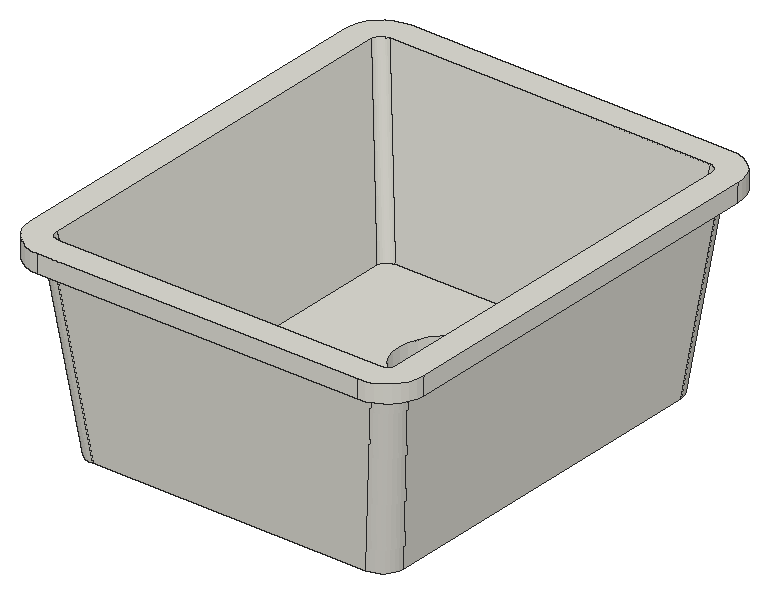
Revit family "Sink-Corian-European-Spicy-969", category Plumbing Fixtures, host Face, Revit 2015
Parameters (values of type "969")
  Width = 381.0 mm
  WFU = 0
  Version = "2015- v1.0a"  # constant formula
  URL = "http://www.corian.uk/-the-complete-residential-surfaces-solutions-"
  Sink Colors Available = "Bone, Cameo White, Designer White, Glacier White, Vanilla"
  Product Page URL = "http://www.corian.uk/-kitchen-sinks-"
  Model = "Spicy 969"  # constant formula
  Manufacturer = "DuPont"  # constant formula
  Length = 451.0 mm
  Interior Width = 330.0 mm
  Interior Length = 400.0 mm
  HWFU = 0
  Finish = Solid Surface Sink - DuPont - Bone
  Description = "Kitchen Sink Europe Specification"  # constant formula
  Depth = 175.0 mm
  Default Elevation = 1219.2 mm
  Cost = 0
  CWFU = 0
Reference planes
  plane 1 "Center (Front/Back)": y = 0
  plane 2: z = 0
  plane 3 "Center (Left/Right)": x = 0
  plane 4: y = 225.5
  plane 5: y = -225.5
  plane 6: x = -190.5
  plane 7: x = 190.5
  plane 8: z = -187
  plane 9: x = -165
  plane 10: x = 165
  plane 11: y = 200
  plane 12: y = -200
  plane 13 "NAME": z = -12
  plane 14: z = -189.8
  plane 15: z = -202.5
Forms (mm)
  Extrusion 1, void
    sketch origin (0, 0, 0) x (1, 0, 0) y (0, 1, 0)
      loop
        arc (-165, -190) -> (-162.071, -197.071) -> (-155, -200) r 10
        line (-155, -200) -> (155, -200)
        arc (155, -200) -> (162.071, -197.071) -> (165, -190) r 10
        line (165, -190) -> (165, 190)
        arc (165, 190) -> (162.071, 197.071) -> (155, 200) r 10
        line (155, 200) -> (-155, 200)
        arc (-155, 200) -> (-162.071, 197.071) -> (-165, 190) r 10
        line (-165, 190) -> (-165, -190)
    from -202.5 to 0
  Sweep 2, solid, material "Solid Surface Sink - DuPont - Bone" <- "Finish"
    path origin (-322.065, -4572, -12) x (-1, 0, 0) y (0, -1, 0)
      loop
        arc (-167.065, -4797.5) -> (-141.962, -4787.102) -> (-131.565, -4762) r 35.5
        line (-131.565, -4762) -> (-131.565, -4382)
        arc (-131.565, -4382) -> (-141.962, -4356.898) -> (-167.065, -4346.5) r 35.5
        line (-167.065, -4346.5) -> (-477.065, -4346.5)
        arc (-477.065, -4346.5) -> (-502.167, -4356.898) -> (-512.565, -4382) r 35.5
        line (-512.565, -4382) -> (-512.565, -4762)
        arc (-512.565, -4762) -> (-502.167, -4787.102) -> (-477.065, -4797.5) r 35.5
        line (-477.065, -4797.5) -> (-167.065, -4797.5)
    profile origin (0, 225.5, -12) x (0, 1, 0) y (0, 0, 1)
      loop
        line (0, 0) -> (-17.771, 0) -> (-20.197, -17.257) -> (0, -17.257) -> (0, 0)
  Extrusion 3, solid, material "Solid Surface Sink - DuPont - Bone" <- "Finish"
    sketch origin (-322.065, -4572, -12) x (-1, 0, 0) y (0, -1, 0)
      loop
        arc (-463.226, -4738.9) -> (-460.513, -4745.448) -> (-453.965, -4748.161) r 9.261
        line (-453.965, -4748.161) -> (-190.165, -4748.161)
        arc (-190.165, -4748.161) -> (-183.616, -4745.448) -> (-180.904, -4738.9) r 9.261
        line (-180.904, -4738.9) -> (-180.904, -4405.1)
        arc (-180.904, -4405.1) -> (-183.616, -4398.552) -> (-190.165, -4395.839) r 9.261
        line (-190.165, -4395.839) -> (-453.965, -4395.839)
        arc (-453.965, -4395.839) -> (-460.513, -4398.552) -> (-463.226, -4405.1) r 9.261
        line (-463.226, -4405.1) -> (-463.226, -4738.9)
    from -190.5 to -175
  Extrusion 4, void, detail levels medium+fine
    sketch origin (-322.065, -4572, -12) x (0, -1, 0) y (-1, 0, 0)
      loop
        circle (-4648.2, -322.065) r 46.038
    from 134.956 to 209.731
  Extrusion 5, solid, material "Solid Surface Sink - DuPont - Bone" <- "Finish"
    sketch origin (-322.065, -4572, -12) x (-1, 0, 0) y (0, -1, 0)
      loop
        circle (-322.065, -4648.2) r 46.037
      loop
        circle (-322.065, -4648.2) r 50.8
    from -190.5 to -177.8
  SweptBlend 6, solid, material "Solid Surface Sink - DuPont - Bone" <- "Finish"
    path origin (0, 0, 0) x (0, 1, 0) y (0, 0, 1)
      loop
        line (0, -12) -> (0, -202.5)
    profile origin (0, 0, -12) x (1, 0, 0) y (0, 1, 0)
      loop
        line (-175, 190) -> (-175, -190)
        arc (-175, -190) -> (-169.142, -204.142) -> (-155, -210) r 20
        line (-155, -210) -> (155, -210)
        arc (155, -210) -> (169.142, -204.142) -> (175, -190) r 20
        line (175, -190) -> (175, 190)
        arc (175, 190) -> (169.142, 204.142) -> (155, 210) r 20
        line (155, 210) -> (-155, 210)
        arc (-155, 210) -> (-169.142, 204.142) -> (-175, 190) r 20
    end profile origin (0, 0, -202.5) x (1, 0, 0) y (0, 1, 0)
      loop
        line (-152.5, 167.5) -> (-152.5, -167.5)
        arc (-152.5, -167.5) -> (-146.642, -181.642) -> (-132.5, -187.5) r 20
        line (-132.5, -187.5) -> (132.5, -187.5)
        arc (132.5, -187.5) -> (146.642, -181.642) -> (152.5, -167.5) r 20
        line (152.5, -167.5) -> (152.5, 167.5)
        arc (152.5, 167.5) -> (146.642, 181.642) -> (132.5, 187.5) r 20
        line (132.5, 187.5) -> (-132.5, 187.5)
        arc (-132.5, 187.5) -> (-146.642, 181.642) -> (-152.5, 167.5) r 20
  SweptBlend 7, void
    path origin (0, 0, 0) x (0, 1, 0) y (0, 0, 1)
      loop
        line (0, -12) -> (0, -202.5)
    profile origin (0, 0, -12) x (1, 0, 0) y (0, 1, 0)
      loop
        line (-165, 190) -> (-165, -190)
        arc (-165, -190) -> (-162.071, -197.071) -> (-155, -200) r 10
        line (-155, -200) -> (155, -200)
        arc (155, -200) -> (162.071, -197.071) -> (165, -190) r 10
        line (165, -190) -> (165, 190)
        arc (165, 190) -> (162.071, 197.071) -> (155, 200) r 10
        line (155, 200) -> (-155, 200)
        arc (-155, 200) -> (-162.071, 197.071) -> (-165, 190) r 10
    end profile origin (0, 0, -202.5) x (1, 0, 0) y (0, 1, 0)
      loop
        line (-136.2, 161.2) -> (-136.2, -161.2)
        arc (-136.2, -161.2) -> (-133.271, -168.271) -> (-126.2, -171.2) r 10
        line (-126.2, -171.2) -> (126.2, -171.2)
        arc (126.2, -171.2) -> (133.271, -168.271) -> (136.2, -161.2) r 10
        line (136.2, -161.2) -> (136.2, 161.2)
        arc (136.2, 161.2) -> (133.271, 168.271) -> (126.2, 171.2) r 10
        line (126.2, 171.2) -> (-126.2, 171.2)
        arc (-126.2, 171.2) -> (-133.271, 168.271) -> (-136.2, 161.2) r 10
Cuts and joins
  Extrusion 4 cuts Extrusion 3
  SweptBlend 7 cuts SweptBlend 6
  joined: Sweep 2, Extrusion 3, Extrusion 5, SweptBlend 6
Lines and regions (mm)
  Masking region 1, detail levels medium+fine
    outline origin (677.935, -4572, -12) x (-1, 0, 0) y (0, -1, 0)
      loop
        circle (677.935, -4648.2) r 46.038
  Masking region 2, detail levels fine
    outline origin (717.935, -4572, -12) x (-1, 0, 0) y (0, -1, 0)
      loop
        line (589.158, -4745.56) -> (846.712, -4745.56)
        arc (846.712, -4745.56) -> (853.63, -4742.694) -> (856.495, -4735.777) r 9.783
        line (856.495, -4735.777) -> (856.495, -4407.701)
        arc (856.495, -4407.701) -> (853.783, -4401.153) -> (847.234, -4398.44) r 9.261
        line (847.234, -4398.44) -> (589.158, -4398.44)
        arc (589.158, -4398.44) -> (582.241, -4401.306) -> (579.375, -4408.223) r 9.783
        line (579.375, -4408.223) -> (579.375, -4735.777)
        arc (579.375, -4735.777) -> (582.241, -4742.694) -> (589.158, -4745.56) r 9.783
  Masking region 3
    outline origin (0, 0, 0) x (1, 0, 0) y (0, 1, 0)
      loop
        line (-165, 190) -> (-165, -190)
        arc (-165, -190) -> (-162.071, -197.071) -> (-155, -200) r 10
        line (-155, -200) -> (155, -200)
        arc (155, -200) -> (162.071, -197.071) -> (165, -190) r 10
        line (165, -190) -> (165, 190)
        arc (165, 190) -> (162.071, 197.071) -> (155, 200) r 10
        line (155, 200) -> (-155, 200)
        arc (-155, 200) -> (-162.071, 197.071) -> (-165, 190) r 10
Dimensions and locks
  locked: plane 2 to plane 13 "NAME" at 12
  "Depth": plane 13 "NAME" to plane 8
  plane 13 "NAME" to plane 14 to plane 15 = 177.8 mm locked, 12.7 mm locked
  "Interior Width": plane 9 to plane 10
  "Width": plane 6 to plane 7
  "Interior Length": plane 11 to plane 12
  "Length": plane 4 to plane 5
  equal spacing: plane 11, plane 1 "Center (Front/Back)", plane 12, locked at 200 each
  equal spacing: plane 4, plane 1 "Center (Front/Back)", plane 5, locked at 225.5 each
  equal spacing: plane 9, plane 3 "Center (Left/Right)", plane 10, locked at 165 each
  equal spacing: plane 6, plane 3 "Center (Left/Right)", plane 7, locked at 190.5 each
  plane 6 to Sweep 2 sketch curve to Sweep 2 sketch curve = 35.5 mm locked, 0.0 mm locked
  Sweep 2 sketch curve to Sweep 2 sketch curve to plane 7 = 0.0 mm locked, 35.5 mm locked
  plane 4 to Sweep 2 sketch curve to Sweep 2 sketch curve = 35.5 mm locked, 0.0 mm locked
  Sweep 2 sketch curve to Sweep 2 sketch curve to plane 5 = 0.0 mm locked, 35.5 mm locked
  plane 6 to Extrusion 1 sketch curve to Extrusion 1 sketch curve = 35.5 mm locked, 0.0 mm locked
  Extrusion 1 sketch curve to Extrusion 1 sketch curve to plane 7 = 0.0 mm locked, 35.5 mm locked
  plane 4 to Extrusion 1 sketch curve to Extrusion 1 sketch curve = 35.5 mm locked, 0.0 mm locked
  Extrusion 1 sketch curve to Extrusion 1 sketch curve to plane 5 = 0.0 mm locked, 35.5 mm locked
  locked: plane 13 "NAME" to Sweep 2 sketch curve at 17.257
  plane 4 to Sweep 2 sketch curve to Sweep 2 sketch curve = 17.771 mm locked, 2.425 mm locked
  locked: plane 13 "NAME" to SweptBlend 6 sketch curve
  locked: plane 13 "NAME" to SweptBlend 7 sketch curve
  Masking region 3 sketch curve to Masking region 3 sketch curve to plane 5 = 0.0 mm locked, 35.5 mm locked
  plane 4 to Masking region 3 sketch curve to Masking region 3 sketch curve = 35.5 mm locked, 0.0 mm locked
  Masking region 3 sketch curve to Masking region 3 sketch curve to plane 7 = 0.0 mm locked, 35.5 mm locked
  plane 6 to Masking region 3 sketch curve to Masking region 3 sketch curve = 35.5 mm locked, 0.0 mm locked
  plane 9 to SweptBlend 7 sketch curve to SweptBlend 7 sketch curve to SweptBlend 7 sketch curve = 0.0 mm locked, 10.0 mm locked, 0.0 mm locked
  SweptBlend 7 sketch curve to SweptBlend 7 sketch curve to SweptBlend 7 sketch curve to plane 10 = 0.0 mm locked, 10.0 mm locked, 0.0 mm locked
  plane 11 to SweptBlend 7 sketch curve to SweptBlend 7 sketch curve to SweptBlend 7 sketch curve = 0.0 mm locked, 10.0 mm locked, 0.0 mm locked
  SweptBlend 7 sketch curve to SweptBlend 7 sketch curve to SweptBlend 7 sketch curve to plane 12 = 0.0 mm locked, 10.0 mm locked, 0.0 mm locked
  plane 11 to SweptBlend 7 sketch curve to SweptBlend 7 sketch curve to SweptBlend 7 sketch curve = 28.8 mm locked, 10.0 mm locked, 0.0 mm locked
  SweptBlend 7 sketch curve to SweptBlend 7 sketch curve to SweptBlend 7 sketch curve to plane 12 = 0.0 mm locked, 10.0 mm locked, 28.8 mm locked
  plane 9 to SweptBlend 7 sketch curve to SweptBlend 7 sketch curve to SweptBlend 7 sketch curve = 28.8 mm locked, 10.0 mm locked, 0.0 mm locked
  SweptBlend 7 sketch curve to SweptBlend 7 sketch curve to SweptBlend 7 sketch curve to plane 10 = 0.0 mm locked, 10.0 mm locked, 28.8 mm locked
  SweptBlend 6 sketch curve to plane 9 to SweptBlend 6 sketch curve to SweptBlend 6 sketch curve = 10.0 mm locked, 10.0 mm locked, 0.0 mm locked
  SweptBlend 6 sketch curve to SweptBlend 6 sketch curve to plane 10 to SweptBlend 6 sketch curve = 0.0 mm locked, 10.0 mm locked, 10.0 mm locked
  SweptBlend 6 sketch curve to plane 11 to SweptBlend 6 sketch curve to SweptBlend 6 sketch curve = 10.0 mm locked, 10.0 mm locked, 0.0 mm locked
  SweptBlend 6 sketch curve to SweptBlend 6 sketch curve to plane 12 to SweptBlend 6 sketch curve = 0.0 mm locked, 10.0 mm locked, 10.0 mm locked
  plane 9 to Extrusion 3 sketch curve to Extrusion 3 sketch curve to Extrusion 3 sketch curve = 23.839 mm locked, 9.261 mm locked, 0.0 mm locked
  Extrusion 3 sketch curve to Extrusion 3 sketch curve to Extrusion 3 sketch curve to plane 10 = 0.0 mm locked, 9.261 mm locked, 23.839 mm locked
  plane 11 to Extrusion 3 sketch curve to Extrusion 3 sketch curve to Extrusion 3 sketch curve = 23.839 mm locked, 9.261 mm locked, 0.0 mm locked
  Extrusion 3 sketch curve to Extrusion 3 sketch curve to Extrusion 3 sketch curve to plane 12 = 0.0 mm locked, 9.261 mm locked, 23.839 mm locked
  locked: plane 1 "Center (Front/Back)" to Extrusion 4 sketch curve at 76.2
  diameter of Extrusion 4 sketch curve = 92.075 mm
  aligned and locked: plane 2 to host face
  aligned and locked: level to host face
  aligned and locked: level to Extrusion 1
  aligned and locked: plane 3 "Center (Left/Right)" to Extrusion 4 sketch curve
  aligned and locked: plane 3 "Center (Left/Right)" to Extrusion 5 sketch curve  (x2)
  aligned and locked: plane 14 to Extrusion 5
  aligned and locked: Extrusion 5 to plane 15
  aligned and locked: Extrusion 1 to plane 15
  aligned and locked: Sweep 2 sketch curve to plane 5
  aligned and locked: plane 7 to Sweep 2 sketch curve
  aligned and locked: plane 6 to Sweep 2 sketch curve
  aligned and locked: Sweep 2 sketch curve to plane 4
  aligned and locked: plane 4 to Sweep 2 sketch curve
  aligned and locked: Sweep 2 sketch curve to plane 13 "NAME"
  aligned and locked: plane 1 "Center (Front/Back)" to SweptBlend 6 sketch curve
  aligned and locked: plane 15 to SweptBlend 6 sketch curve
  aligned and locked: SweptBlend 7 sketch curve to plane 1 "Center (Front/Back)"
  aligned and locked: plane 15 to SweptBlend 7 sketch curve
Automatic sketch dimensions
  host sketch curve to host sketch curve = 2438.4 mm  (x2)
  Extrusion 5 sketch curve to Extrusion 5 sketch curve = 0.0 mm
  Extrusion 5 sketch curve to plane 1 "Center (Front/Back)" = 76.2 mm
  Masking region 1 sketch curve to Masking region 1 sketch curve = 0.0 mm  (x2)
  plane 3 "Center (Left/Right)" to Masking region 1 sketch curve = 0.0 mm
  Masking region 1 sketch curve to plane 1 "Center (Front/Back)" = 76.2 mm
  Masking region 1 sketch curve to Masking region 1 sketch curve = 46.038 mm
  plane 12 to Masking region 2 sketch curve = 36.223 mm
  Masking region 2 sketch curve to plane 7 = 51.94 mm
  Masking region 2 sketch curve to Masking region 2 sketch curve = 9.783 mm  (x3)
  plane 12 to Masking region 2 sketch curve = 35.701 mm
  Masking region 2 sketch curve to Masking region 2 sketch curve = 258.076 mm
  Masking region 2 sketch curve to plane 11 = 36.223 mm
  SweptBlend 6 sketch curve to plane 1 "Center (Front/Back)" = 0.0 mm
  SweptBlend 6 sketch curve to plane 3 "Center (Left/Right)" = 152.5 mm
  SweptBlend 6 sketch curve to SweptBlend 6 sketch curve = 20.0 mm  (x3)
  plane 3 "Center (Left/Right)" to SweptBlend 6 sketch curve = 132.5 mm  (x2)
  profile plane to SweptBlend 6 sketch curve = 187.5 mm
  SweptBlend 6 sketch curve to profile plane = 167.5 mm
  Extrusion 1 sketch curve to plane 9 = 0.0 mm
  Masking region 3 sketch curve to plane 9 = 0.0 mm
  radius of Extrusion 5 sketch curve = 46.037 mm
  radius of Extrusion 5 sketch curve = 50.8 mm
Connectors
  piping at (0, 76.2, -202.5), diameter 90
    settings: on cut or joined group of Sweep 2, Extrusion 3, Extrusion 4, Extrusion 5, SweptBlend 6, SweptBlend 7, index 1, connector inside diameter 24", connector length 0.0 mm, flow factor 0, pipe flow 0 GPM, pressure drop 0.00 psi, fitting loss kfactor 0, connector angle 0.00°, fixture units 0, engagement length 0.0 mm, angle of deflection 0.00°, flow configuration 0, flow direction 2, fitting loss method 0, system type 16, joint type 0, gender type 0, connector reference index -1, connector utility 0, adjustable connector no, is connector primary yes, connector description "Drain"
